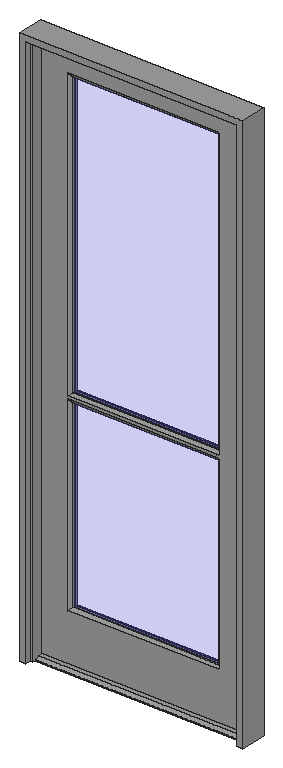
Revit family "WS-500 DOOR-PD-0.25-CW_v05", category Curtain Panels, Revit 2015
Parameters
  Width [instance] = 3' - 2"
  URL = "obe.com"
  Rough Width [instance] = 3' - 0"
  Panel Width [instance] = [Min-Max Panel Width]  # 3' - 0"
  Panel Offset [instance] = 0' - 0"
  Offset [instance] = 0' - 1"
  Model = "WS-500 DOOR"
  Min-Max Rough Width [instance] = if(and((Rough Width > 3' 1 255/256"), (Rough Width < 3' 8 1/256")), Rough Width, 3' 2")  # 3' - 2"
  Min-Max Panel Width [instance] = if(and((Rough Width > 3' 1 255/256"), (Rough Width < 3' 8 1/256")), Rough Width - 0' 2", 3' 0")  # 3' - 0"
  Manufacturer = "Oldcastle BuildingEnvelope®"
  Keynote = "08 11 00"
  Height [instance] = 8' - 0"
  Pushbar Height [instance] = 3' - 5 1/4"  # constant formula
  Glass Material = Glass
  Frame Material = Aluminum
  Door Panel Height [instance] = Height - 0' 0 5/8"  # 7' - 11 3/8"
  Description = "WS-500 - 0.25\" Door Infill"
  Assembly Code = "B2030"
  Analytic Construction = "<None>"
  8 Muntin [instance] = no
  6.5 Muntin [instance] = no
  10 Bottom Rail [instance] = not([8 Bottom Rail])  # no
  4 Muntin [instance] = no
  8 Bottom Rail [instance] = yes
  1.875 Muntin [instance] = no
  0.5 Muntin [instance] = if(or([1.875 Muntin], [4 Muntin], [6.5 Muntin], [8 Muntin]), 1 = 2, 1 = 1)  # yes
Reference planes (in)
  plane 1 "Front": y = 0
  plane 2: z = 0
  plane 3 "Center (Left/Right)": x = 0
  plane 4 "Left": x = -19
  plane 5 "Right": x = 19
  plane 6 "Top": z = 96
  plane 7 "Offset": y = -1
  plane 8: y = -2.28244
  plane 9: y = -2.28244
  plane 10: x = -19
  plane 11: x = 19
Forms (in)
  Sweep 1, solid, material "Aluminum" <- "Frame Material"
    path origin (0, -1, 0) x (-1, 0, 0) y (0, 0, 1)
      loop
        line (19, 0) -> (19, 96)
    profile origin (-19, -1, 48) x (1, 0, 0) y (0, 1, 0)
      loop
        line (1, -1.97) -> (1, 0) -> (0, 0) -> (0, -4.5) -> (1, -4.5) -> (1, -3.595) -> (1.5, -3.595) -> (1.5, -1.97) -> (1, -1.97)
  Sweep 2, solid, material "Aluminum" <- "Frame Material"
    path origin (0, -1, 0) x (-1, 0, 0) y (0, 0, 1)
      loop
        line (-19, 0) -> (-19, 96)
    profile origin (19, -1, 48) x (1, 0, 0) y (0, 1, 0)
      loop
        line (-1, -1.97) -> (-1.5, -1.97) -> (-1.5, -3.595) -> (-1, -3.595) -> (-1, -4.5) -> (0, -4.5) -> (0, 0) -> (-1, 0) -> (-1, -1.97)
  Extrusion 3, solid, material "Aluminum" <- "Frame Material"
    sketch origin (-19, 0, 0) x (0, -1, 0) y (0, 0, 1)
      loop
        line (2.97, 94.5) -> (4.595, 94.5) -> (4.595, 95) -> (5.5, 95) -> (5.5, 96) -> (1, 96) -> (1, 95) -> (2.97, 95) -> (2.97, 94.5)
    from -38 to 0
Cuts and joins
  joined: Sweep 1, Sweep 2, Extrusion 3
Text (in)
  text "Exterior" at (-54.29358, 31.38743, 0), in view "Ref. Level"
  text "Exterior" at (480, 41.53993, 89.60405), in view "Right"
  text "Exterior" at (-240, 57.82419, 105.78864), in view "Left"
Dimensions and locks (in)
  equal spacing: plane 4 "Left", plane 3 "Center (Left/Right)", plane 5 "Right"
  "Width": plane 4 "Left" to plane 5 "Right"
  "Height": plane 6 "Top" to plane 2
  "Offset": plane 1 "Front" to plane 7 "Offset"
  locked: plane 7 "Offset" to plane 8 at 1.28244
  locked: plane 7 "Offset" to plane 9 at 1.28244
  locked: plane 7 "Offset" to nested 4 at 1.28244
  Extrusion 3 sketch curve to Extrusion 3 sketch curve to Extrusion 3 sketch curve = 0' - 0 1/2" locked, 0' - 0" locked
  locked: Extrusion 3 sketch curve to Extrusion 3 sketch curve at 1
  plane 7 "Offset" to Extrusion 3 sketch curve to Extrusion 3 sketch curve to Extrusion 3 sketch curve to Extrusion 3 sketch curve = 0' - 0" locked, 0' - 1.97" locked, 0' - 1 5/8" locked, 0' - 0.905" locked
  equal spacing: plane 10, plane 3 "Center (Left/Right)", plane 11
  "Min-Max Rough Width": plane 10 to plane 11
  aligned and locked: level to plane 2
  aligned and locked: nested 2 to plane 8
  aligned and locked: nested 3 to plane 9
  aligned and locked: plane 6 "Top" to Sweep 1 sketch curve
  aligned and locked: level to Sweep 1 sketch curve
  aligned and locked: plane 6 "Top" to Sweep 2 sketch curve
  aligned and locked: level to Sweep 2 sketch curve
  aligned and locked: plane 6 "Top" to nested 4
  aligned and locked: Extrusion 3 to plane 6 "Top"
  aligned and locked: Extrusion 3 sketch curve to plane 6 "Top"
  aligned and locked: plane 3 "Center (Left/Right)" to nested 1
  aligned and locked: plane 11 to nested 2
  aligned and locked: nested 3 to plane 10
  aligned and locked: Sweep 1 sketch curve to plane 10
  aligned and locked: plane 11 to Sweep 2 sketch curve
  aligned and locked: cut or joined group of Sweep 1, Sweep 2, Extrusion 3 to plane 11
  aligned and locked: cut or joined group of Sweep 1, Sweep 2, Extrusion 3 to plane 10
  aligned and locked: nested 1 to plane 7 "Offset"
Automatic sketch dimensions
  Sweep 1 sketch curve to profile plane = 0' - 0"
  Sweep 1 sketch curve to plane 7 "Offset" = 0' - 0"
  Sweep 1 sketch curve to profile plane = 0' - 1"  (x2)
  Sweep 1 sketch curve to Sweep 1 sketch curve = 0' - 0 1/2"
  Sweep 1 sketch curve to plane 7 "Offset" = 0' - 1.97"
  Sweep 1 sketch curve to Sweep 1 sketch curve = 0' - 1 5/8"
  Sweep 1 sketch curve to Sweep 1 sketch curve = 0' - 0.905"
  Sweep 2 sketch curve to plane 7 "Offset" = 0' - 0"
  Sweep 2 sketch curve to profile plane = 0' - 0"
  profile plane to Sweep 2 sketch curve = 0' - 1"  (x2)
  Sweep 2 sketch curve to Sweep 2 sketch curve = 0' - 0 1/2"
  Sweep 2 sketch curve to plane 7 "Offset" = 0' - 1.97"
  Sweep 2 sketch curve to Sweep 2 sketch curve = 0' - 1 5/8"
  Sweep 2 sketch curve to Sweep 2 sketch curve = 0' - 0.905"
Nested families (in)
  nested 1: "WS-500 DOOR-PD-0.25-Panel_v04" at (0, 6, 0), Frame Material <- "Frame Material", Glass Material <- "Glass Material", 0.5 Muntin <- "0.5 Muntin", 1.875 Muntin <- "1.875 Muntin", 4 Muntin <- "4 Muntin", 6.5 Muntin <- "6.5 Muntin", 8 Muntin <- "8 Muntin", Height <- "Door Panel Height", Width <- "Min-Max Panel Width", 8 Bottom Rail <- "8 Bottom Rail", 10 Bottom Rail <- "10 Bottom Rail", type "WS-500 DOOR-PD-0.25-Panel_v04"
    with built-in parameter 1001301 3' - 0", Pushbar Height 3' - 5 1/4", Offset 0' - 1", built-in parameter 1001300 7' - 11 3/8", Glass at Muntin 0' - 1 1/16", Glass Material Glass, Frame Material Aluminum, Bottom Rail 0' - 8 31/32", 8 Muntin no, 8 Bottom Rail yes, 6.5 Muntin no, 4 Muntin no, 10 Bottom Rail no, 1.875 Muntin no, 0.5 Muntin yes
  nested 2: "2.5x6-RTCIG CW-H8533-DHD-OHD SC-DI" at (19, -2.28244, 0) x (0, -1, 0) z (0, 0, 1), type "2.5x6-RTCIG CW-H8533-DHD-OHD SC-DI"
  nested 3: "2.5x6-RTCIG CW-H8533-DHD-OHD SC-DI" at (-19, -2.28244, 0) x (0, -1, 0) z (0, 0, 1), type "2.5x6-RTCIG CW-H8533-DHD-OHD SC-DI"
  nested 4: "2.5x6-RTCIG CW-H8533-DHD-OHD SC-DI" at (-33, -2.28244, 96) x (0, -1, 0) z (-1, 0, 0), type "2.5x6-RTCIG CW-H8533-DHD-OHD SC-DI"
Definition of nested family "WS-500 DOOR-PD-0.25-Panel_v04"
  Parameters (values of type "WS-500 DOOR-PD-0.25-Panel_v04")
    Width [instance] = 3' - 6"
    Offset [instance] = 0' - 0 15/16"
    Height [instance] = 8' - 0"
    Glass at Muntin [instance] = if([8 Muntin], 0' 8 9/16", if([6.5 Muntin], 0' 7 1/16", if([4 Muntin], 0' 4 9/16", if([1.875 Muntin], 0' 2 109/256", 0' 1 1/16"))))  # 0' - 4 9/16"
    Pushbar Height [instance] = 3' - 5 1/4"  # constant formula
    Glass Material [instance] = none
    Frame Material [instance] = none
    Bottom Rail [instance] = if([10 Bottom Rail], 0' 10 15/16", 0' 8 31/32")  # 0' - 8 31/32"
    Analytic Construction = "<None>"
    8 Muntin [instance] = no
    8 Bottom Rail [instance] = not([10 Bottom Rail])  # yes
    6.5 Muntin [instance] = no
    4 Muntin [instance] = yes
    10 Bottom Rail [instance] = no
    1.875 Muntin [instance] = no
    0.5 Muntin [instance] = if(or([1.875 Muntin], [4 Muntin], [6.5 Muntin], [8 Muntin]), 1 = 2, 1 = 1)  # no
  Reference planes (in)
    plane 1 "00": y = -7.9375
    plane 2: z = 0
    plane 3 "Center (Left/Right)": x = 0
    plane 4: z = 96
    plane 5: x = -21
    plane 6: x = 21
    plane 7 "Center (Front/Back)": y = -6
    plane 8 "Exterior": y = -7.8125
    plane 9: z = 48
    plane 10: z = 67.09375
    plane 11: z = 91.21875
    plane 12: z = 43.53125
    plane 13: z = 38.96875
    plane 14: z = 8.96875
    plane 15: z = 41.25
    plane 16: y = -6.9375
  Forms (in)
    Sweep 1, solid, material <- "Frame Material"
      path origin (0, -7.9375, 0) x (1, 0, 0) y (0, 0, 1)
        loop
          line (-20.8285, 96) -> (20.8285, 96)
      profile origin (0, -7.9375, 96) x (0, 0, 1) y (0, -1, 0)
        loop
          line (-0.375, -0.875) -> (-0.375, 0.875) -> (-4.49593, 0.875) -> (-5, 0.45204) -> (-5, 0.125) -> (-4.78125, 0.125) -> (-4.78125, -0.125) -> (-5, -0.125) -> (-5, -0.45204) -> (-4.49593, -0.875) -> (-0.375, -0.875)
    Sweep 2, solid, material <- "Frame Material"
      path origin (0, -7.9375, 0) x (1, 0, 0) y (0, 0, 1)
        loop
          line (20.8285, 0) -> (-20.8285, 0)
      profile origin (0, -7.9375, 0) x (0, 0, -1) y (0, -1, 0)
        loop
          line (-8.68343, -0.875) -> (-0.6875, -0.875) -> (-0.6875, 0.875) -> (-8.68343, 0.875) -> (-9.1875, 0.45204) -> (-9.1875, 0.125) -> (-8.96875, 0.125) -> (-8.96875, -0.125) -> (-9.1875, -0.125) -> (-9.1875, -0.45204) -> (-8.68343, -0.875)
        loop
          line (-0.5, -1.1555) -> (-0.19364, -1.8125) -> (0, -1.8125) -> (0, 2.1875) -> (-0.19364, 2.1875) -> (-0.5, 1.5305) -> (-0.5, -1.1555)
    Sweep 3, solid, material <- "Frame Material"
      path origin (0, -7.9375, 0) x (1, 0, 0) y (0, 0, 1)
        loop
          line (21, 95.625) -> (21, 0.6875)
      profile origin (21, -7.9375, 48.15625) x (0, -1, 0) y (1, 0, 0)
        loop
          line (-0.875, -0.0625) -> (-0.875, -5.05843) -> (-0.45204, -5.5625) -> (-0.125, -5.5625) -> (-0.125, -5.34375) -> (0.125, -5.34375) -> (0.125, -5.5625) -> (0.45204, -5.5625) -> (0.875, -5.05843) -> (0.875, -0.1715) -> (-0.875, -0.0625)
    Sweep 4, solid, material <- "Frame Material"
      path origin (0, -7.9375, 0) x (1, 0, 0) y (0, 0, 1)
        loop
          line (-21, 95.625) -> (-21, 0.6875)
      profile origin (-21, -7.9375, 48.15625) x (0, -1, 0) y (1, 0, 0)
        loop
          line (-0.875, 0.0625) -> (0.875, 0.1715) -> (0.875, 5.05843) -> (0.45204, 5.5625) -> (0.125, 5.5625) -> (0.125, 5.34375) -> (-0.125, 5.34375) -> (-0.125, 5.5625) -> (-0.45204, 5.5625) -> (-0.875, 5.05843) -> (-0.875, 0.0625)
    Sweep 5, solid, material <- "Frame Material"
      path origin (0, -7.9375, 0) x (1, 0, 0) y (0, 0, 1)
        loop
          line (15.94157, 48) -> (-15.94157, 48)
      profile origin (0, -7.9375, 48) x (0, 0, -1) y (0, -1, 0)
        loop
          line (4.25, 0.45204) -> (4.25, 0.125) -> (4.46875, 0.125) -> (4.46875, -0.125) -> (4.25, -0.125) -> (4.25, -0.45204) -> (4.75407, -0.875) -> (8.74593, -0.875) -> (9.25, -0.45204) -> (9.25, -0.125) -> (9.03125, -0.125) -> (9.03125, 0.125) -> (9.25, 0.125) -> (9.25, 0.45204) -> (8.74593, 0.875) -> (4.75407, 0.875) -> (4.25, 0.45204)
    Extrusion 6, solid, material <- "Glass Material"
      sketch origin (0, 0, 0) x (1, 0, 0) y (0, 1, 0)
        loop
          line (-15.65625, -8.0625) -> (15.65625, -8.0625) -> (15.65625, -7.8125) -> (-15.65625, -7.8125) -> (-15.65625, -8.0625)
      from 8.96875 to 38.96875
    Extrusion 7, solid, material <- "Glass Material"
      sketch origin (0, 0, 61) x (1, 0, 0) y (0, 1, 0)
        loop
          line (-15.65625, -7.8125) -> (-15.65625, -8.0625) -> (15.65625, -8.0625) -> (15.65625, -7.8125) -> (-15.65625, -7.8125)
      from -17.46875 to 30.21875
  Cuts and joins
    joined: Sweep 1, Sweep 2, Sweep 3, Sweep 4, Sweep 5
  Lines and regions (in)
    model lines
      curve 1: line (12.91896, -7.8125, 91) -> (-15.4375, -7.8125, 48)
      curve 2: line (-15.4375, -7.8125, 48) -> (12.91896, -7.8125, 9.1875)
  Dimensions and locks (in)
    "Height": plane 4 to level
    equal spacing: plane 5, plane 3 "Center (Left/Right)", plane 6
    plane 1 "00" to plane 8 "Exterior" to plane 16 = 0' - 0 1/8" locked, 0' - 0 7/8" locked
    equal spacing: level, plane 9, plane 4
    locked: Sweep 3 sketch curve to plane 4 at 0.375
    locked: Sweep 4 sketch curve to plane 4 at 0.375
    "Bottom Rail": Sweep 2 sketch curve to level
    Sweep 2 sketch curve to Sweep 2 sketch curve to Sweep 2 sketch curve to Sweep 2 sketch curve to Sweep 2 sketch curve = 0' - 0" locked, 0' - 0 7/32" locked, 0' - 0.28532" locked, 0' - 0" locked
    Extrusion 6 sketch curve to plane 1 "00" to Extrusion 6 sketch curve = 0' - 0 1/8" locked, 0' - 0 1/8" locked
    "Bottom Rail": plane 14 to plane 2
    locked: plane 4 to plane 11 at 4.78125
    "Glass at Muntin": plane 12 to plane 13
    Extrusion 7 sketch curve to Extrusion 7 sketch curve = 0' - 0 1/4"
    Extrusion 7 sketch curve to plane 1 "00" to Extrusion 7 sketch curve = 0' - 0 1/8" locked, 0' - 0 1/8" locked
    "Width": plane 5 to plane 6
    "Offset": plane 16 to plane 7 "Center (Front/Back)"
    locked: Sweep 1 sketch curve to plane 5 at 0.1715
    locked: plane 6 to Sweep 1 sketch curve at 0.1715
    locked: Sweep 2 sketch curve to plane 5 at 0.1715
    locked: plane 6 to Sweep 2 sketch curve at 0.1715
    equal spacing: plane 12, plane 15, plane 13
    "Pushbar Height": plane 15 to plane 2
    Sweep 5 sketch curve to plane 12 to Sweep 5 sketch curve = 0' - 0 7/32" locked, 0' - 0.28532" locked  (x2)
    Sweep 5 sketch curve to plane 13 to Sweep 5 sketch curve = 0' - 0.28532" locked, 0' - 0 7/32" locked  (x2)
    locked: Sweep 4 sketch curve to plane 2 at 0.6875
    locked: Sweep 3 sketch curve to plane 2 at 0.6875
    locked: Extrusion 6 to plane 6 at 5.34375
    locked: plane 5 to Extrusion 6 at 5.34375
    aligned and locked: plane 2 to level
    aligned and locked: Sweep 1 sketch curve to plane 4
    aligned and locked: Sweep 2 sketch curve to level
    aligned and locked: level to nested 1
    aligned and locked: nested 1 to plane 1 "00"
    aligned and locked: Sweep 5 sketch curve to plane 9
    aligned and locked: plane 14 to Extrusion 6
    aligned and locked: Extrusion 6 to plane 13
    aligned and locked: plane 12 to Extrusion 7
    aligned and locked: plane 9 to curve 1
    aligned and locked: plane 6 to Sweep 3 sketch curve
    aligned and locked: plane 5 to Sweep 4 sketch curve
    aligned and locked: cut or joined group of Sweep 1, Sweep 2, Sweep 3, Sweep 4, Sweep 5 to curve 2
    aligned and locked: nested 2 to plane 3 "Center (Left/Right)"
    aligned and locked: nested 2 to plane 1 "00"
    aligned and locked: Sweep 5 sketch curve to plane 12
    aligned and locked: Sweep 5 sketch curve to plane 13
    aligned and locked: Extrusion 7 to cut or joined group of Sweep 1, Sweep 2, Sweep 3, Sweep 4, Sweep 5
    aligned and locked: Extrusion 7 to plane 11
  Automatic sketch dimensions
    profile plane to Sweep 3 sketch curve = 0' - 0 1/16"
    Sweep 3 sketch curve to plane 1 "00" = 0' - 0 7/8"
    Sweep 3 sketch curve to plane 1 "00" = 0' - 0.45204"
    Sweep 3 sketch curve to plane 1 "00" = 0' - 0 1/8"
    plane 1 "00" to Sweep 3 sketch curve = 0' - 0 1/8"
    Sweep 3 sketch curve to Sweep 3 sketch curve = 0' - 0.32704"
    profile plane to Sweep 3 sketch curve = 0' - 0.1715"
    plane 1 "00" to Sweep 3 sketch curve = 0' - 0 7/8"
    Sweep 3 sketch curve to Sweep 3 sketch curve = 0' - 4.88693"
    Sweep 3 sketch curve to Sweep 3 sketch curve = 0' - 0"
    Sweep 3 sketch curve to Sweep 3 sketch curve = 0' - 0.28532"
    Sweep 3 sketch curve to Sweep 3 sketch curve = 0' - 0 7/32"  (x2)
    Sweep 4 sketch curve to profile plane = 0' - 0 1/16"
    Sweep 4 sketch curve to plane 1 "00" = 0' - 0 7/8"
    Sweep 4 sketch curve to plane 1 "00" = 0' - 0.45204"
    Sweep 4 sketch curve to plane 1 "00" = 0' - 0 1/8"
    plane 1 "00" to Sweep 4 sketch curve = 0' - 0 1/8"
    Sweep 4 sketch curve to Sweep 4 sketch curve = 0' - 0.32704"
    Sweep 4 sketch curve to Sweep 4 sketch curve = 0' - 0.42296"
    Sweep 4 sketch curve to profile plane = 0' - 0.1715"
    Sweep 4 sketch curve to Sweep 4 sketch curve = 0' - 4.88693"
    Sweep 4 sketch curve to Sweep 4 sketch curve = 0' - 0"
    Sweep 4 sketch curve to Sweep 4 sketch curve = 0' - 0.28532"
    Sweep 4 sketch curve to Sweep 4 sketch curve = 0' - 0 7/32"  (x2)
    Sweep 5 sketch curve to plane 1 "00" = 0' - 0 7/8"
    Sweep 5 sketch curve to plane 1 "00" = 0' - 0.45204"  (x2)
    Sweep 5 sketch curve to plane 1 "00" = 0' - 0 1/8"  (x2)
    plane 1 "00" to Sweep 5 sketch curve = 0' - 0 1/8"  (x2)
    Sweep 5 sketch curve to Sweep 5 sketch curve = 0' - 0.32704"  (x2)
    Sweep 5 sketch curve to Sweep 5 sketch curve = 0' - 0.42296"
    plane 5 to Extrusion 6 sketch curve = 0' - 5 11/32"
    Extrusion 6 sketch curve to plane 6 = 0' - 5 11/32"
    plane 14 to curve 2 = 0' - 0 7/32"
    curve 2 to plane 6 = 0' - 8.08104"
    curve 1 to plane 11 = 0' - 0 7/32"
    curve 1 to plane 6 = 0' - 8.08104"
    plane 5 to Sweep 5 sketch curve = 0' - 5.05843"
    Sweep 5 sketch curve to plane 6 = 0' - 5.05843"
    plane 5 to Extrusion 7 sketch curve = 0' - 5 11/32"
    Extrusion 7 sketch curve to plane 6 = 0' - 5 11/32"
    plane 1 "00" to Sweep 1 sketch curve = 0' - 0 1/8"
    profile plane to Sweep 1 sketch curve = 0' - 5"
    Sweep 1 sketch curve to plane 1 "00" = 0' - 0.45204"
    Sweep 1 sketch curve to Sweep 1 sketch curve = 0' - 0"
    Sweep 1 sketch curve to Sweep 1 sketch curve = 0' - 0 7/32"
    plane 1 "00" to Sweep 1 sketch curve = 0' - 0 7/8"
    Sweep 1 sketch curve to Sweep 1 sketch curve = 0' - 0.50407"  (x2)
    profile plane to Sweep 1 sketch curve = 0' - 0 3/8"
    Sweep 1 sketch curve to plane 1 "00" = 0' - 0 7/8"
    Sweep 1 sketch curve to plane 1 "00" = 0' - 0 1/8"
    Sweep 1 sketch curve to Sweep 1 sketch curve = 0' - 0.32704"
    Sweep 2 sketch curve to profile plane = 0' - 0"
    profile plane to Sweep 2 sketch curve = 0' - 0 11/16"
    Sweep 2 sketch curve to Sweep 2 sketch curve = 0' - 0 3/16"
    profile plane to Sweep 2 sketch curve = 0' - 0.19364"  (x2)
    Sweep 2 sketch curve to plane 1 "00" = 0' - 1 13/16"
    Sweep 2 sketch curve to Sweep 2 sketch curve = 0' - 0.657"  (x2)
    Sweep 2 sketch curve to Sweep 2 sketch curve = 0' - 0.2805"
    Sweep 2 sketch curve to plane 1 "00" = 0' - 0.45204"
    Sweep 2 sketch curve to plane 1 "00" = 0' - 0 1/8"
    plane 1 "00" to Sweep 2 sketch curve = 0' - 0 1/8"
    Sweep 2 sketch curve to Sweep 2 sketch curve = 0' - 0.32704"
    Sweep 2 sketch curve to Sweep 2 sketch curve = 0' - 0.42296"
    Sweep 2 sketch curve to Sweep 2 sketch curve = 0' - 0.6555"
  Nested families (in)
    nested 1: "WS-500 DOOR-PD-0.25-Section_v02" at (0, -7.9375, 0) x (0, -1, 0) z (1, 0, 0), Height <- "Height", 0.5 Muntin <- "0.5 Muntin", 1.875 Muntin <- "1.875 Muntin", 4 Muntin <- "4 Muntin", 6.5 Muntin <- "6.5 Muntin", 8 Muntin <- "8 Muntin", 8 Bottom Rail <- "8 Bottom Rail", type "WS-500 DOOR-PD-0.25-Section_v02"
      with Pushbar Height 3' - 5 1/4", Height 8' - 0", Glass at Muntins 0' - 4 9/16", Bottom Rail 0' - 8 31/32", 8 Muntin no, 8 Bottom Rail yes, 6.5 Muntin no, 4 Muntin yes, 10 Bottom Rail no, 1.875 Muntin no, 0.5 Muntin no
    nested 2: "WS-500 PIVOT DOOR-0.25-Plan View_v02" at (0, -7.9375, 0) x (-1, 0, 0) z (0, 0, 1), Width <- "Width", type "WS-500 PIVOT DOOR-0.25-Plan View_v02"
      with Width 3' - 6"
  Definition of nested family "WS-500 DOOR-PD-0.25-Section_v02"
    Parameters (values of type "WS-500 DOOR-PD-0.25-Section_v02")
      Height [instance] = 9' - 0"
      Glass at Muntins [instance] = if([8 Muntin], 0' 8 9/16", if([6.5 Muntin], 0' 7 1/16", if([4 Muntin], 0' 4 9/16", if([1.875 Muntin], 0' 2 7/16", 0' 1 1/16"))))  # 0' - 1 1/16"
      Pushbar Height [instance] = 3' - 5 1/4"  # constant formula
      Bottom Rail [instance] = if([8 Bottom Rail], 0' 8 31/32", 0' 10 31/32")  # 0' - 8 31/32"
      8 Muntin [instance] = no
      6.5 Muntin [instance] = no
      8 Bottom Rail [instance] = not([10 Bottom Rail])  # yes
      4 Muntin [instance] = no
      10 Bottom Rail [instance] = no
      1.875 Muntin [instance] = no
      0.5 Muntin [instance] = if(or([1.875 Muntin], [4 Muntin], [6.5 Muntin], [8 Muntin]), 1 = 2, 1 = 1)  # yes
    Reference planes (in)
      plane 1 "Center (Front/Back)": y = 0
      plane 2: z = 0
      plane 3 "Center (Left/Right)": x = 0
      plane 4: y = 8.96875
      plane 5: y = 103.09375
      plane 6: y = 108
      plane 7: y = 41.78125
      plane 8: y = 40.71875
      plane 9: y = 45.75
      plane 10: y = 41.25
      plane 11: y = 45
      plane 12: y = 43.75
      plane 13: y = 42.6825
      plane 14: y = 42
    Lines and regions (in)
      detail lines, in view "Ref. Level"
        curve 1: line (-0.125, 103.09375, 0) -> (-0.125, 41.78125, 0)
        curve 5: line (0.125, 103.09375, 0) -> (0.125, 41.78125, 0)
        curve 6: line (0.125, 40.71875, 0) -> (0.125, 8.96875, 0)
        curve 10: line (-0.125, 40.71875, 0) -> (-0.125, 8.96875, 0)
      detail lines, in view "Ref. Level", detail levels fine
        curve 2: line (-0.0625, 103.09375, 0) -> (-0.0625, 41.78125, 0)
        curve 3: line (0, 103.09375, 0) -> (0, 41.78125, 0)
        curve 4: line (0.0625, 103.09375, 0) -> (0.0625, 41.78125, 0)
        curve 7: line (0.0625, 40.71875, 0) -> (0.0625, 8.96875, 0)
        curve 8: line (0, 40.71875, 0) -> (0, 8.96875, 0)
        curve 9: line (-0.0625, 40.71875, 0) -> (-0.0625, 8.96875, 0)
    Dimensions and locks (in)
      "Bottom Rail": plane 4 to plane 1 "Center (Front/Back)"
      "Height": plane 6 to plane 1 "Center (Front/Back)"
      "Glass at Muntins": plane 8 to plane 7
      nested 1 to plane 6 to plane 5 = 0' - 3 1/8" locked, 0' - 4 29/32" locked
      equal spacing: plane 8, plane 10, plane 7
      "Pushbar Height": plane 1 "Center (Front/Back)" to plane 10
      plane 10 to plane 14 to plane 13 to plane 12 to plane 11 to plane 9 = 0' - 0 3/4" locked, 0' - 0.6825" locked, 0' - 1.0675" locked, 0' - 1 1/4" locked, 0' - 0 3/4" locked
      aligned and locked: plane 5 to curve 2
      aligned and locked: plane 5 to curve 1
      aligned and locked: plane 3 "Center (Left/Right)" to nested 1
      aligned and locked: plane 3 "Center (Left/Right)" to nested 2
      aligned and locked: plane 4 to curve 10
      aligned and locked: plane 4 to curve 9
      aligned and locked: plane 4 to curve 6
      aligned and locked: plane 4 to curve 7
      aligned and locked: plane 4 to curve 8
      aligned and locked: plane 5 to curve 5
      aligned and locked: plane 5 to curve 4
      aligned and locked: plane 5 to curve 3
      aligned and locked: plane 3 "Center (Left/Right)" to nested 3
      aligned and locked: plane 3 "Center (Left/Right)" to nested 4
      aligned and locked: plane 7 to curve 1
      aligned and locked: plane 7 to curve 2
      aligned and locked: plane 7 to curve 3
      aligned and locked: plane 7 to curve 4
      aligned and locked: plane 7 to curve 5
      aligned and locked: plane 8 to curve 6
      aligned and locked: plane 8 to curve 7
      aligned and locked: plane 8 to curve 8
      aligned and locked: plane 8 to curve 9
      aligned and locked: plane 8 to curve 10
      aligned and locked: plane 3 "Center (Left/Right)" to nested 5
      aligned and locked: plane 3 "Center (Left/Right)" to nested 6
      aligned and locked: plane 3 "Center (Left/Right)" to nested 7
      aligned and locked: plane 9 to nested 8
      aligned and locked: plane 3 "Center (Left/Right)" to nested 8
      aligned and locked: plane 1 "Center (Front/Back)" to nested 3
      aligned and locked: plane 1 "Center (Front/Back)" to nested 2
      aligned and locked: plane 11 to nested 7
      aligned and locked: plane 12 to nested 6
      aligned and locked: plane 13 to nested 5
      aligned and locked: plane 14 to nested 4
    Automatic sketch dimensions
      curve 8 to plane 3 "Center (Left/Right)" = 0' - 0"
      curve 3 to plane 3 "Center (Left/Right)" = 0' - 0"
      curve 9 to plane 3 "Center (Left/Right)" = 0' - 0 1/16"
      curve 2 to plane 3 "Center (Left/Right)" = 0' - 0 1/16"
      curve 1 to curve 2 = 0' - 0 1/16"
      curve 10 to curve 9 = 0' - 0 1/16"
      plane 3 "Center (Left/Right)" to curve 7 = 0' - 0 1/16"
      plane 3 "Center (Left/Right)" to curve 4 = 0' - 0 1/16"
      curve 7 to curve 6 = 0' - 0 1/16"
      curve 4 to curve 5 = 0' - 0 1/16"
    Nested families (in)
      nested 1: "TOP RAIL-DI" at (0, 111.125, 0), type "TOP RAIL-DI", in view "Ref. Level"
      nested 2: "10 Bottom Rail and Threshold-DI" at (0, 11.1875, 0), visible <- "10 Bottom Rail", type "10 BOT RAIL-DI", in view "Ref. Level"
      nested 3: "8 Bottom Rail and Threshold-DI" at (0, 9.1875, 0), visible <- "8 Bottom Rail", type "8 BOT RAIL-DI", in view "Ref. Level"
      nested 4: "0.5 MUNTIN-DI" at (0, 42, 0), visible <- "0.5 Muntin", type "0.5 MUNTIN-DI", in view "Ref. Level"
      nested 5: "1.875 Muntin-DI" at (0, 42.6825, 0), visible <- "1.875 Muntin", type "1.875 MUNTIN-DI", in view "Ref. Level"
      nested 6: "4 Muntin-DI" at (0, 43.75, 0), visible <- "4 Muntin", type "4 MUNTIN-DI", in view "Ref. Level"
      nested 7: "6.5 Muntin-DI" at (0, 45, 0), visible <- "6.5 Muntin", type "6.5 MUNTIN-DI", in view "Ref. Level"
      nested 8: "8 Muntin-DI" at (0, 45.75, 0), visible <- "8 Muntin", type "8 MUNTIN-DI", in view "Ref. Level"
    Definition of nested family "TOP RAIL-DI"
      Reference planes (in)
        plane 1 "Center (Front/Back)": y = 0
        plane 2: z = 0
        plane 3 "Center (Left/Right)": x = 0
      Lines and regions (in)
        detail lines, in view "Ref. Level"
          curve 1: line (-0.875, -3.625, 0) -> (0.875, -3.625, 0)
          curve 2: line (0.875, -3.625, 0) -> (0.875, -7.62093, 0)
          curve 3: line (0.875, -7.62093, 0) -> (0.45204, -8.125, 0)
          curve 4: line (0.45204, -8.125, 0) -> (0.125, -8.125, 0)
          curve 5: line (0.125, -8.125, 0) -> (0.125, -7.90625, 0)
          curve 6: line (0.125, -7.90625, 0) -> (-0.125, -7.90625, 0)
          curve 7: line (-0.125, -7.90625, 0) -> (-0.125, -8.125, 0)
          curve 8: line (-0.125, -8.125, 0) -> (-0.45204, -8.125, 0)
          curve 9: line (-0.45204, -8.125, 0) -> (-0.875, -7.62093, 0)
          curve 10: line (-0.875, -7.62093, 0) -> (-0.875, -3.625, 0)
    Definition of nested family "10 Bottom Rail and Threshold-DI"
      Reference planes (in)
        plane 1 "Center (Front/Back)": y = 0
        plane 2: z = 0
        plane 3 "Center (Left/Right)": x = 0
      Lines and regions (in)
        detail lines, in view "Ref. Level"
          curve 1: line (-0.875, -0.50407, 0) -> (-0.875, -10.5, 0)
          curve 2: line (-0.875, -10.5, 0) -> (0.875, -10.5, 0)
          curve 3: line (0.875, -10.5, 0) -> (0.875, -0.50407, 0)
          curve 4: line (0.875, -0.50407, 0) -> (0.45204, 0, 0)
          curve 5: line (0.45204, 0, 0) -> (0.125, 0, 0)
          curve 6: line (0.125, 0, 0) -> (0.125, -0.21875, 0)
          curve 7: line (0.125, -0.21875, 0) -> (-0.125, -0.21875, 0)
          curve 8: line (-0.125, -0.21875, 0) -> (-0.125, 0, 0)
          curve 9: line (-0.125, 0, 0) -> (-0.45204, 0, 0)
          curve 10: line (-0.45204, 0, 0) -> (-0.875, -0.50407, 0)
          curve 11: line (-1.8125, -10.99386, 0) -> (-1.1555, -10.6875, 0)
          curve 12: line (-1.1555, -10.6875, 0) -> (1.5305, -10.6875, 0)
          curve 13: line (1.5305, -10.6875, 0) -> (2.1875, -10.99386, 0)
          curve 14: line (2.1875, -10.99386, 0) -> (2.1875, -11.18749, 0)
          curve 15: line (2.1875, -11.18749, 0) -> (-1.8125, -11.18749, 0)
          curve 16: line (-1.8125, -11.18749, 0) -> (-1.8125, -10.99386, 0)
    Definition of nested family "8 Bottom Rail and Threshold-DI"
      Reference planes (in)
        plane 1 "Center (Front/Back)": y = 0
        plane 2: z = 0
        plane 3 "Center (Left/Right)": x = 0
      Lines and regions (in)
        detail lines, in view "Ref. Level"
          curve 1: line (-0.45204, 0, 0) -> (-0.875, -0.50407, 0)
          curve 2: line (-0.875, -0.50407, 0) -> (-0.875, -8.5, 0)
          curve 3: line (-0.875, -8.5, 0) -> (0.875, -8.5, 0)
          curve 4: line (0.875, -8.5, 0) -> (0.875, -0.50407, 0)
          curve 5: line (0.875, -0.50407, 0) -> (0.45204, 0, 0)
          curve 6: line (0.45204, 0, 0) -> (0.125, 0, 0)
          curve 7: line (0.125, 0, 0) -> (0.125, -0.21875, 0)
          curve 8: line (0.125, -0.21875, 0) -> (-0.125, -0.21875, 0)
          curve 9: line (-0.125, -0.21875, 0) -> (-0.125, 0, 0)
          curve 10: line (-0.125, 0, 0) -> (-0.45204, 0, 0)
          curve 11: line (-1.8125, -8.99386, 0) -> (-1.1555, -8.6875, 0)
          curve 12: line (-1.1555, -8.6875, 0) -> (1.5305, -8.6875, 0)
          curve 13: line (1.5305, -8.6875, 0) -> (2.1875, -8.99386, 0)
          curve 14: line (2.1875, -8.99386, 0) -> (2.1875, -9.18749, 0)
          curve 15: line (2.1875, -9.18749, 0) -> (-1.8125, -9.18749, 0)
          curve 16: line (-1.8125, -9.18749, 0) -> (-1.8125, -8.99386, 0)
    Definition of nested family "0.5 MUNTIN-DI"
      Reference planes (in)
        plane 1 "Center (Front/Back)": y = 0
        plane 2: z = 0
        plane 3 "Center (Left/Right)": x = 0
    Definition of nested family "1.875 Muntin-DI"
      Reference planes (in)
        plane 1 "Center (Front/Back)": y = 0
        plane 2: z = 0
        plane 3 "Center (Left/Right)": x = 0
      Lines and regions (in)
        detail lines, in view "Ref. Level"
          curve 1: line (-0.125, 0, 0) -> (-0.45204, 0, 0)
          curve 2: line (-0.45204, 0, 0) -> (-0.875, -0.50407, 0)
          curve 3: line (-0.875, -0.50407, 0) -> (-0.875, -2.36093, 0)
          curve 4: line (-0.875, -2.36093, 0) -> (-0.45204, -2.865, 0)
          curve 5: line (-0.45204, -2.865, 0) -> (-0.125, -2.865, 0)
          curve 6: line (-0.125, -2.865, 0) -> (-0.125, -2.64625, 0)
          curve 7: line (-0.125, -2.64625, 0) -> (0.125, -2.64625, 0)
          curve 8: line (0.125, -2.64625, 0) -> (0.125, -2.865, 0)
          curve 9: line (0.125, -2.865, 0) -> (0.45204, -2.865, 0)
          curve 10: line (0.45204, -2.865, 0) -> (0.87159, -2.365, 0)
          curve 11: line (0.87159, -2.365, 0) -> (0.87159, -0.50593, 0)
          curve 12: line (0.87159, -0.50593, 0) -> (0.44706, 0, 0)
          curve 13: line (0.44706, 0, 0) -> (0.125, 0, 0)
          curve 14: line (0.125, 0, 0) -> (0.125, -0.21875, 0)
          curve 15: line (0.125, -0.21875, 0) -> (-0.125, -0.21875, 0)
          curve 16: line (-0.125, -0.21875, 0) -> (-0.125, 0, 0)
    Definition of nested family "4 Muntin-DI"
      Reference planes (in)
        plane 1 "Center (Front/Back)": y = 0
        plane 2: z = 0
        plane 3 "Center (Left/Right)": x = 0
      Lines and regions (in)
        detail lines, in view "Ref. Level"
          curve 1: line (-0.45204, 0, 0) -> (-0.875, -0.50407, 0)
          curve 2: line (-0.875, -0.50407, 0) -> (-0.875, -4.49593, 0)
          curve 3: line (-0.875, -4.49593, 0) -> (-0.45204, -5, 0)
          curve 4: line (-0.45204, -5, 0) -> (-0.125, -5, 0)
          curve 5: line (-0.125, -5, 0) -> (-0.125, -4.78125, 0)
          curve 6: line (-0.125, -4.78125, 0) -> (0.125, -4.78125, 0)
          curve 7: line (0.125, -4.78125, 0) -> (0.125, -5, 0)
          curve 8: line (0.125, -5, 0) -> (0.45204, -5, 0)
          curve 9: line (0.45204, -5, 0) -> (0.875, -4.49593, 0)
          curve 10: line (0.875, -4.49593, 0) -> (0.875, -0.50407, 0)
          curve 11: line (0.875, -0.50407, 0) -> (0.45204, 0, 0)
          curve 12: line (0.45204, 0, 0) -> (0.125, 0, 0)
          curve 13: line (0.125, 0, 0) -> (0.125, -0.21875, 0)
          curve 14: line (0.125, -0.21875, 0) -> (-0.125, -0.21875, 0)
          curve 15: line (-0.125, -0.21875, 0) -> (-0.125, 0, 0)
          curve 16: line (-0.125, 0, 0) -> (-0.45204, 0, 0)
    Definition of nested family "6.5 Muntin-DI"
      Reference planes (in)
        plane 1 "Center (Front/Back)": y = 0
        plane 2: z = 0
        plane 3 "Center (Left/Right)": x = 0
      Lines and regions (in)
        detail lines, in view "Ref. Level"
          curve 1: line (-0.45204, 0, 0) -> (-0.875, -0.50407, 0)
          curve 2: line (-0.875, -0.50407, 0) -> (-0.875, -6.99593, 0)
          curve 3: line (-0.875, -6.99593, 0) -> (-0.45204, -7.5, 0)
          curve 4: line (-0.45204, -7.5, 0) -> (-0.125, -7.5, 0)
          curve 5: line (-0.125, -7.5, 0) -> (-0.125, -7.28125, 0)
          curve 6: line (-0.125, -7.28125, 0) -> (0.125, -7.28125, 0)
          curve 7: line (0.125, -7.28125, 0) -> (0.125, -7.5, 0)
          curve 8: line (0.125, -7.5, 0) -> (0.45204, -7.5, 0)
          curve 9: line (0.45204, -7.5, 0) -> (0.875, -6.99593, 0)
          curve 10: line (0.875, -6.99593, 0) -> (0.875, -0.50407, 0)
          curve 11: line (0.875, -0.50407, 0) -> (0.45204, 0, 0)
          curve 12: line (0.45204, 0, 0) -> (0.125, 0, 0)
          curve 13: line (0.125, 0, 0) -> (0.125, -0.21875, 0)
          curve 14: line (0.125, -0.21875, 0) -> (-0.125, -0.21875, 0)
          curve 15: line (-0.125, -0.21875, 0) -> (-0.125, 0, 0)
          curve 16: line (-0.125, 0, 0) -> (-0.45204, 0, 0)
    Definition of nested family "8 Muntin-DI"
      Reference planes (in)
        plane 1 "Center (Front/Back)": y = 0
        plane 2: z = 0
        plane 3 "Center (Left/Right)": x = 0
      Lines and regions (in)
        detail lines, in view "Ref. Level"
          curve 1: line (-0.875, -0.50407, 0) -> (-0.875, -8.49593, 0)
          curve 2: line (-0.875, -8.49593, 0) -> (-0.45204, -9, 0)
          curve 3: line (-0.45204, -9, 0) -> (-0.125, -9, 0)
          curve 4: line (-0.125, -9, 0) -> (-0.125, -8.78125, 0)
          curve 5: line (-0.125, -8.78125, 0) -> (0.125, -8.78125, 0)
          curve 6: line (0.125, -8.78125, 0) -> (0.125, -9, 0)
          curve 7: line (0.125, -9, 0) -> (0.45204, -9, 0)
          curve 8: line (0.45204, -9, 0) -> (0.875, -8.49593, 0)
          curve 9: line (0.875, -8.49593, 0) -> (0.875, -0.50407, 0)
          curve 10: line (0.875, -0.50407, 0) -> (0.45204, 0, 0)
          curve 11: line (0.45204, 0, 0) -> (0.125, 0, 0)
          curve 12: line (0.125, 0, 0) -> (0.125, -0.21875, 0)
          curve 13: line (0.125, -0.21875, 0) -> (-0.125, -0.21875, 0)
          curve 14: line (-0.125, -0.21875, 0) -> (-0.125, 0, 0)
          curve 15: line (-0.125, 0, 0) -> (-0.45204, 0, 0)
          curve 16: line (-0.45204, 0, 0) -> (-0.875, -0.50407, 0)
  Definition of nested family "WS-500 PIVOT DOOR-0.25-Plan View_v02"
    Parameters (values of type "WS-500 PIVOT DOOR-0.25-Plan View_v02")
      Width [instance] = 3' - 0"
    Reference planes (in)
      plane 1 "Center (Front/Back)": y = 0
      plane 2: z = 0
      plane 3 "Center (Left/Right)": x = 0
      plane 4: x = -18
      plane 5: x = 18
      plane 6: x = -16.6875
      plane 7: y = -37.25
      plane 8: x = -17.9375
      plane 9: y = -1.25
    Lines and regions (in)
      detail lines, in view "Ref. Level", not visible
        curve 1: line (-12.65625, 0.125, 0) -> (12.3925, 0.125, 0)
        curve 2: line (-12.65625, -0.125, 0) -> (12.3925, -0.125, 0)
      detail lines, in view "Ref. Level"
        curve 3: line (-16.8125, -31.84375, 0) -> (-16.8125, -6.53125, 0)
        curve 7: line (-16.5625, -31.84375, 0) -> (-16.5625, -6.53125, 0)
        curve 8: arc (-17.5625, -37.125, 0) -> (7.69512, -26.35229, 0) -> (17.9375, -0.875, 0) r 35.87696
      detail lines, in view "Ref. Level", detail levels fine
        curve 4: line (-16.75, -31.84375, 0) -> (-16.75, -6.53125, 0)
        curve 5: line (-16.6875, -31.84375, 0) -> (-16.6875, -6.53125, 0)
        curve 6: line (-16.625, -31.84375, 0) -> (-16.625, -6.53125, 0)
    Dimensions and locks (in)
      "Width": plane 4 to plane 5
      equal spacing: plane 4, plane 3 "Center (Left/Right)", plane 5
      locked: plane 4 to plane 6 at 1.3125
      locked: plane 5 to nested 1 at 2.51375
      "Width": plane 7 to plane 9
      locked: plane 7 to nested 2 at 2.45125
      locked: plane 4 to plane 8 at 0.0625
      locked: nested 3 to plane 4 at 2.51375
      locked: plane 9 to plane 1 "Center (Front/Back)" at 1.25
      aligned and locked: plane 6 to nested 2
      aligned and locked: curve 5 to plane 6
      aligned and locked: curve 5 to nested 2
      aligned and locked: curve 1 to nested 1
      aligned and locked: curve 2 to nested 1
      aligned and locked: nested 3 to plane 1 "Center (Front/Back)"
      aligned and locked: nested 4 to plane 6
      aligned and locked: curve 8 to nested 1
      aligned and locked: curve 8 to nested 2
    Automatic sketch dimensions
      curve 8 to plane 8 = 0' - 0"
      curve 8 to plane 9 = 0' - 0"
      plane 7 to curve 8 = 0' - 0 1/8"
      plane 6 to curve 3 = 0' - 0 1/8"
      plane 6 to curve 4 = 0' - 0 1/16"
      curve 5 to curve 6 = 0' - 0 1/16"
      curve 6 to curve 7 = 0' - 0 1/16"
      curve 1 to plane 6 = 0' - 4 1/32"
      curve 2 to curve 1 = 0' - 0"  (x2)
      curve 1 to plane 5 = 0' - 5.6075"
      curve 7 to plane 9 = 0' - 5 9/32"
      curve 5 to curve 7 = 0' - 0"  (x2)
      curve 3 to curve 5 = 0' - 0"  (x2)
      curve 5 to curve 6 = 0' - 0"  (x2)
      curve 4 to curve 5 = 0' - 0"  (x2)
      curve 8 to curve 5 = 0' - 5 9/32"
    Nested families (in)
      nested 1: "HINGE STILE - HINGE DOOR-DI" at (20.51375, 0, 0), type "HINGE-HD-DI", in view "Ref. Level", not visible
      nested 2: "HINGE STILE - HINGE DOOR-DI" at (-16.6875, -39.70125, 0) x (0, -1, 0) z (0, 0, 1), type "HINGE-HD-DI", in view "Ref. Level"
      nested 3: "HINGE STILE - HINGE DOOR-DI" at (-20.51375, 0, 0) x (-1, 0, 0) z (0, 0, 1), type "HINGE-HD-DI", in view "Ref. Level", not visible
      nested 4: "HINGE STILE - HINGE DOOR-DI" at (-16.6875, 1.32625, 0) x (0, 1, 0) z (0, 0, 1), type "HINGE-HD-DI", in view "Ref. Level"
    Definition of nested family "HINGE STILE - HINGE DOOR-DI"
      Reference planes (in)
        plane 1 "Center (Front/Back)": y = 0
        plane 2: z = 0
        plane 3 "Center (Left/Right)": x = 0
      Lines and regions (in)
        detail lines, in view "Ref. Level"
          curve 1: line (-2.68525, 0.875, 0) -> (-7.57218, 0.875, 0)
          curve 2: line (-7.57218, 0.875, 0) -> (-8.07625, 0.45204, 0)
          curve 3: line (-8.07625, 0.45204, 0) -> (-8.07625, 0.125, 0)
          curve 4: line (-8.07625, 0.125, 0) -> (-7.8575, 0.125, 0)
          curve 5: line (-7.8575, 0.125, 0) -> (-7.8575, -0.125, 0)
          curve 6: line (-7.8575, -0.125, 0) -> (-8.07625, -0.125, 0)
          curve 7: line (-8.07625, -0.125, 0) -> (-8.07625, -0.45204, 0)
          curve 8: line (-8.07625, -0.45204, 0) -> (-7.57218, -0.875, 0)
          curve 9: line (-7.57218, -0.875, 0) -> (-2.57625, -0.875, 0)
          curve 10: line (-2.57625, -0.875, 0) -> (-2.68525, 0.875, 0)
Definition of nested family "2.5x6-RTCIG CW-H8533-DHD-OHD SC-DI"
  Reference planes (in)
    plane 1 "Center (Front/Back)": y = 0
    plane 2: z = 0
    plane 3 "Center (Left/Right)": x = 0
  Lines and regions (in)
    Filled region 1, type "2.5x6.75-RC CW-SSA-SG-H1416-DHD-OHD SC-FINE-1", in view "Ref. Level", detail levels fine
      outline origin (0, 2.5, 0) x (1, 0, 0) y (0, 1, 0)
        loop
          line (-1.03244, -2.5) -> (-1.28244, -2.5)
          arc (-1.28244, -2.5) -> (-1.26095, -2.625) -> (-1.28244, -2.75) r 0.37439
          line (-1.28244, -2.75) -> (-1.03244, -2.75) -> (-1.03244, -2.5)
    Filled region 2, type "2.5x6.75-RC CW-SSA-SG-H1416-DHD-OHD SC-FINE-1", in view "Ref. Level", detail levels fine
      outline origin (0, 2.5, 0) x (1, 0, 0) y (0, 1, 0)
        loop
          line (2.96756, -2.5) -> (2.96756, -2.75) -> (3.21756, -2.75)
          arc (3.21756, -2.75) -> (3.19608, -2.625) -> (3.21756, -2.5) r 0.37439
          line (3.21756, -2.5) -> (2.96756, -2.5)
    Filled region 3, type "2.5x6.75-RC CW-SSA-SG-H1416-DHD-OHD SC-FINE-1", in view "Ref. Level", not visible, detail levels fine
      outline origin (0, 2.5, 0) x (1, 0, 0) y (0, 1, 0)
        loop
          line (-1.03244, -2.5) -> (-1.28244, -2.5)
          arc (-1.28244, -2.5) -> (-1.26095, -2.625) -> (-1.28244, -2.75) r 0.37439
          line (-1.28244, -2.75) -> (-1.03244, -2.75) -> (-1.03244, -2.5)
    Filled region 4, type "2.5x6.75-RC CW-SSA-SG-H1416-DHD-OHD SC-FINE-1", in view "Ref. Level", not visible, detail levels fine
      outline origin (0, 2.5, 0) x (1, 0, 0) y (0, 1, 0)
        loop
          line (2.96756, -2.5) -> (2.96756, -2.75) -> (3.21756, -2.75)
          arc (3.21756, -2.75) -> (3.19608, -2.625) -> (3.21756, -2.5) r 0.37439
          line (3.21756, -2.5) -> (2.96756, -2.5)
    detail lines, in view "Ref. Level", detail levels fine
      curve 1: arc (1.65506, -0.328, 0) -> (1.67791, -0.38315, 0) -> (1.73306, -0.406, 0) r 0.078
      curve 2: arc (0.20206, -0.406, 0) -> (0.25722, -0.38315, 0) -> (0.28006, -0.328, 0) r 0.078
      curve 3: arc (0.68756, -1.173, 0) -> (0.71506, -1.2005, 0) -> (0.74256, -1.173, 0) r 0.0275
      curve 4: arc (0.74256, -1.408, 0) -> (0.71506, -1.3805, 0) -> (0.68756, -1.408, 0) r 0.0275
      curve 5: arc (2.00056, -1, 0) -> (1.96239, -1.07442, 0) -> (2.04511, -1.062, 0) r 0.047
      curve 6: arc (0.95295, -1.053, 0) -> (1.03486, -1.07804, 0) -> (0.99956, -1, 0) r 0.047
      curve 7: line (1.73306, -0.406, 0) -> (1.98306, -0.406, 0)
      curve 8: line (1.98306, -0.406, 0) -> (1.98306, -0.375, 0)
      curve 9: line (1.98306, -0.375, 0) -> (3.09256, -0.375, 0)
      curve 10: line (3.09256, -0.375, 0) -> (3.09256, -0.875, 0)
      curve 11: line (3.09256, -0.875, 0) -> (-1.15744, -0.875, 0)
      curve 12: line (-1.15744, -0.875, 0) -> (-1.15744, -0.375, 0)
      curve 13: line (-1.15744, -0.375, 0) -> (-0.04794, -0.375, 0)
      curve 14: line (-0.04794, -0.375, 0) -> (-0.04794, -0.406, 0)
      curve 15: line (-0.04794, -0.406, 0) -> (0.20206, -0.406, 0)
      curve 16: line (0.28006, -0.328, 0) -> (0.03006, -0.328, 0)
      curve 17: line (0.03006, -0.328, 0) -> (0.03006, -0.25, 0)
      curve 18: line (0.03006, -0.25, 0) -> (-1.28244, -0.25, 0)
      curve 19: line (-1.28244, -0.25, 0) -> (-1.28244, -1, 0)
      curve 20: line (-1.28244, -1, 0) -> (3.21756, -1, 0)
      curve 21: line (3.21756, -1, 0) -> (3.21756, -0.25, 0)
      curve 22: line (3.21756, -0.25, 0) -> (1.90506, -0.25, 0)
      curve 23: line (1.90506, -0.25, 0) -> (1.90506, -0.328, 0)
      curve 24: line (1.90506, -0.328, 0) -> (1.65506, -0.328, 0)
      curve 25: line (0.74256, -1.173, 0) -> (0.74256, -1.143, 0)
      curve 26: line (0.74256, -1.143, 0) -> (0.79756, -1.143, 0)
      curve 27: line (0.79756, -1.143, 0) -> (0.79756, -1.438, 0)
      curve 28: line (0.79756, -1.438, 0) -> (0.74256, -1.438, 0)
      curve 29: line (0.74256, -1.438, 0) -> (0.74256, -1.408, 0)
      curve 30: line (0.68756, -1.408, 0) -> (0.68756, -1.5, 0)
      curve 31: line (0.68756, -1.5, 0) -> (2.31256, -1.5, 0)
      curve 32: line (2.31256, -1.5, 0) -> (2.31256, -1, 0)
      curve 33: line (2.31256, -1, 0) -> (2.00056, -1, 0)
      curve 34: line (2.04511, -1.062, 0) -> (2.25056, -1.062, 0)
      curve 35: line (2.25056, -1.062, 0) -> (2.25056, -1.438, 0)
      curve 36: line (2.25056, -1.438, 0) -> (0.85956, -1.438, 0)
      curve 37: line (0.85956, -1.438, 0) -> (0.85956, -1.053, 0)
      curve 38: line (0.85956, -1.053, 0) -> (0.95295, -1.053, 0)
      curve 39: line (0.99956, -1, 0) -> (0.79756, -1, 0)
      curve 40: line (0.79756, -1, 0) -> (0.79756, -1.081, 0)
      curve 41: line (0.79756, -1.081, 0) -> (0.74256, -1.081, 0)
      curve 42: line (0.74256, -1.081, 0) -> (0.74256, -1, 0)
      curve 43: line (0.74256, -1, 0) -> (0.68756, -1, 0)
      curve 44: line (0.68756, -1, 0) -> (0.68756, -1.173, 0)
      curve 45: line (-1.28244, 0, 0) -> (-1.28244, -1, 0)
      curve 46: line (-1.28244, -1, 0) -> (0.68756, -1, 0)
      curve 47: line (0.68756, -1, 0) -> (0.68756, -1.5, 0)
      curve 48: line (0.68756, -1.5, 0) -> (2.31256, -1.5, 0)
      curve 49: line (2.31256, -1.5, 0) -> (2.31256, -1, 0)
      curve 50: line (2.31256, -1, 0) -> (3.21756, -1, 0)
      curve 51: line (3.21756, -1, 0) -> (3.21756, 0, 0)
      curve 52: line (3.21756, 0, 0) -> (-1.28244, 0, 0)
      curve 53: arc (-1.28244, -0.25, 0) -> (-1.26095, -0.125, 0) -> (-1.28244, 0, 0) r 0.37439
      curve 54: arc (3.21756, 0, 0) -> (3.19608, -0.125, 0) -> (3.21756, -0.25, 0) r 0.37439
      curve 55: arc (1.95497, -1.14175, 0) -> (1.95619, -1.1362, 0) -> (1.95482, -1.13068, 0) r 0.0125
      curve 56: arc (1.98284, -1.14139, 0) -> (1.98406, -1.13584, 0) -> (1.9827, -1.13032, 0) r 0.0125
      curve 57: arc (1.01743, -1.13032, 0) -> (1.01607, -1.13584, 0) -> (1.01729, -1.14139, 0) r 0.0125
      curve 58: arc (1.0453, -1.13068, 0) -> (1.04394, -1.1362, 0) -> (1.04516, -1.14175, 0) r 0.0125
      curve 59: arc (1.10681, -1.025, 0) -> (1.10028, -1.02684, 0) -> (1.09567, -1.03182, 0) r 0.0125
      curve 60: arc (1.90446, -1.03183, 0) -> (1.89985, -1.02684, 0) -> (1.89332, -1.025, 0) r 0.0125
      curve 61: line (-1.03244, -0.25, 0) -> (-1.03244, 0, 0)
      curve 62: line (-1.03244, 0, 0) -> (2.96756, 0, 0)
      curve 63: line (2.96756, 0, 0) -> (2.96756, -0.25, 0)
      curve 64: line (2.96756, -0.25, 0) -> (-1.03244, -0.25, 0)
      curve 65: line (-1.03244, -0.25, 0) -> (2.96756, 0, 0)
      curve 66: line (-1.03244, 0, 0) -> (2.96756, -0.25, 0)
      curve 67: line (1.95497, -1.14175, 0) -> (1.89789, -1.26122, 0)
      curve 68: line (1.89789, -1.26122, 0) -> (1.92045, -1.272, 0)
      curve 69: line (1.92045, -1.272, 0) -> (1.98284, -1.14139, 0)
      curve 70: line (1.9827, -1.13032, 0) -> (1.92904, -1.025, 0)
      curve 71: line (1.92904, -1.025, 0) -> (1.95506, -1.025, 0)
      curve 72: line (1.95506, -1.025, 0) -> (1.95506, -1, 0)
      curve 73: line (1.95506, -1, 0) -> (1.04506, -1, 0)
      curve 74: line (1.04506, -1, 0) -> (1.04506, -1.025, 0)
      curve 75: line (1.04506, -1.025, 0) -> (1.07109, -1.025, 0)
      curve 76: line (1.07109, -1.025, 0) -> (1.01743, -1.13032, 0)
      curve 77: line (1.01729, -1.14139, 0) -> (1.07968, -1.272, 0)
      curve 78: line (1.07968, -1.272, 0) -> (1.10224, -1.26122, 0)
      curve 79: line (1.10224, -1.26122, 0) -> (1.04516, -1.14175, 0)
      curve 80: line (1.0453, -1.13068, 0) -> (1.09567, -1.03182, 0)
      curve 81: line (1.10681, -1.025, 0) -> (1.89332, -1.025, 0)
      curve 82: line (1.90446, -1.03183, 0) -> (1.95482, -1.13068, 0)
      curve 83: line (0.54796, -1.18033, 0) -> (0.56296, -1.18633, 0)
      curve 84: line (0.56296, -1.18633, 0) -> (0.57696, -1.19533, 0)
      curve 85: line (0.57696, -1.19533, 0) -> (0.60296, -1.19933, 0)
      curve 86: line (0.60296, -1.19933, 0) -> (0.62096, -1.20333, 0)
      curve 87: line (0.62096, -1.20333, 0) -> (0.65696, -1.20433, 0)
      curve 88: line (0.65696, -1.20433, 0) -> (0.67296, -1.20633, 0)
      curve 89: line (0.67296, -1.20633, 0) -> (0.69296, -1.20833, 0)
      curve 90: line (0.69296, -1.20833, 0) -> (0.69696, -1.21433, 0)
      curve 91: line (0.69696, -1.21433, 0) -> (0.70996, -1.20833, 0)
      curve 92: line (0.70996, -1.20833, 0) -> (0.69696, -1.21433, 0)
      curve 93: line (0.55396, -1.35233, 0) -> (0.58296, -1.35233, 0)
      curve 94: line (0.58296, -1.35233, 0) -> (0.60796, -1.35233, 0)
      curve 95: line (0.60796, -1.35233, 0) -> (0.62496, -1.35433, 0)
      curve 96: line (0.62496, -1.35433, 0) -> (0.65696, -1.35433, 0)
      curve 97: line (0.65696, -1.35433, 0) -> (0.67696, -1.35533, 0)
      curve 98: line (0.67696, -1.35533, 0) -> (0.70396, -1.36133, 0)
      curve 99: line (0.70396, -1.36133, 0) -> (0.67496, -1.36433, 0)
      curve 100: line (0.67496, -1.36433, 0) -> (0.68996, -1.37033, 0)
      curve 101: line (0.68996, -1.37033, 0) -> (0.67296, -1.36633, 0)
      curve 102: line (0.67296, -1.36633, 0) -> (0.65096, -1.36833, 0)
      curve 103: line (0.65096, -1.36833, 0) -> (0.58796, -1.37733, 0)
      curve 104: line (0.58796, -1.37733, 0) -> (0.60596, -1.37733, 0)
      curve 105: line (0.60596, -1.37733, 0) -> (0.61696, -1.37533, 0)
      curve 106: line (0.61696, -1.37533, 0) -> (0.63196, -1.37433, 0)
      curve 107: line (0.63196, -1.37433, 0) -> (0.65896, -1.37233, 0)
      curve 108: line (0.65896, -1.37233, 0) -> (0.67896, -1.37033, 0)
      curve 109: line (0.67896, -1.37033, 0) -> (0.65296, -1.36633, 0)
      curve 110: line (0.65296, -1.36633, 0) -> (0.62296, -1.36633, 0)
      curve 111: line (0.62296, -1.36633, 0) -> (0.58996, -1.36433, 0)
      curve 112: line (0.58996, -1.36433, 0) -> (0.54796, -1.36933, 0)
      curve 113: line (0.57196, -1.38433, 0) -> (0.58996, -1.38133, 0)
      curve 114: line (0.58996, -1.38133, 0) -> (0.54796, -1.38833, 0)
      curve 115: line (0.54796, -1.38833, 0) -> (0.57196, -1.38433, 0)
      curve 116: line (0.54996, -1.24133, 0) -> (0.56796, -1.23933, 0)
      curve 117: line (0.56796, -1.23933, 0) -> (0.58096, -1.23733, 0)
      curve 118: line (0.58096, -1.23733, 0) -> (0.59396, -1.23533, 0)
      curve 119: line (0.59396, -1.23533, 0) -> (0.61496, -1.23533, 0)
      curve 120: line (0.61496, -1.23533, 0) -> (0.62796, -1.23533, 0)
      curve 121: line (0.62796, -1.23533, 0) -> (0.65696, -1.23733, 0)
      curve 122: line (0.65696, -1.23733, 0) -> (0.67096, -1.23733, 0)
      curve 123: line (0.67096, -1.23733, 0) -> (0.67896, -1.23933, 0)
      curve 124: line (0.67896, -1.23933, 0) -> (0.69696, -1.24133, 0)
      curve 125: line (0.69696, -1.24133, 0) -> (0.71096, -1.24433, 0)
      curve 126: line (0.71096, -1.24433, 0) -> (0.72796, -1.25233, 0)
      curve 127: line (0.72796, -1.25233, 0) -> (0.74196, -1.25233, 0)
      curve 128: line (0.74196, -1.25233, 0) -> (0.72596, -1.24433, 0)
      curve 129: line (0.72596, -1.24433, 0) -> (0.71096, -1.25033, 0)
      curve 130: line (0.71096, -1.25033, 0) -> (0.70196, -1.25033, 0)
      curve 131: line (0.70196, -1.25033, 0) -> (0.68596, -1.25033, 0)
      curve 132: line (0.68596, -1.25033, 0) -> (0.67096, -1.24633, 0)
      curve 133: line (0.67096, -1.24633, 0) -> (0.65496, -1.24633, 0)
      curve 134: line (0.65496, -1.24633, 0) -> (0.62296, -1.24633, 0)
      curve 135: line (0.62296, -1.24633, 0) -> (0.60596, -1.24633, 0)
      curve 136: line (0.60596, -1.24633, 0) -> (0.59396, -1.24633, 0)
      curve 137: line (0.59396, -1.24633, 0) -> (0.54796, -1.25433, 0)
      curve 138: line (0.54996, -1.20833, 0) -> (0.56096, -1.20833, 0)
      curve 139: line (0.56096, -1.20833, 0) -> (0.58096, -1.20833, 0)
      curve 140: line (0.58096, -1.20833, 0) -> (0.59196, -1.20633, 0)
      curve 141: line (0.59196, -1.20633, 0) -> (0.59896, -1.20633, 0)
      curve 142: line (0.59896, -1.20633, 0) -> (0.60596, -1.20833, 0)
      curve 143: line (0.60596, -1.20833, 0) -> (0.62296, -1.21433, 0)
      curve 144: line (0.62296, -1.21433, 0) -> (0.65496, -1.21233, 0)
      curve 145: line (0.65496, -1.21233, 0) -> (0.66196, -1.21033, 0)
      curve 146: line (0.66196, -1.21033, 0) -> (0.67096, -1.21233, 0)
      curve 147: line (0.67096, -1.21233, 0) -> (0.68096, -1.21233, 0)
      curve 148: line (0.68096, -1.21233, 0) -> (0.68996, -1.21233, 0)
      curve 149: line (0.74596, -1.21033, 0) -> (0.73496, -1.21033, 0)
      curve 150: line (0.73496, -1.21033, 0) -> (0.74196, -1.21033, 0)
      curve 151: line (0.74196, -1.21033, 0) -> (0.75296, -1.21033, 0)
      curve 152: line (0.75296, -1.21033, 0) -> (0.76396, -1.21033, 0)
      curve 153: line (0.76396, -1.21033, 0) -> (0.77496, -1.20633, 0)
      curve 154: line (0.77896, -1.20633, 0) -> (0.76796, -1.20633, 0)
      curve 155: line (0.76796, -1.20633, 0) -> (0.76096, -1.20633, 0)
      curve 156: line (0.76096, -1.20633, 0) -> (0.75296, -1.20833, 0)
      curve 157: line (0.75296, -1.20833, 0) -> (0.74596, -1.21033, 0)
      curve 158: line (0.78096, -1.27033, 0) -> (0.76996, -1.27233, 0)
      curve 159: line (0.76996, -1.27233, 0) -> (0.75496, -1.27433, 0)
      curve 160: line (0.75496, -1.27433, 0) -> (0.74396, -1.27433, 0)
      curve 161: line (0.74396, -1.27433, 0) -> (0.73496, -1.27433, 0)
      curve 162: line (0.73496, -1.27433, 0) -> (0.71496, -1.27433, 0)
      curve 163: line (0.71496, -1.27433, 0) -> (0.69696, -1.27433, 0)
      curve 164: line (0.69696, -1.27433, 0) -> (0.67496, -1.27033, 0)
      curve 165: line (0.67496, -1.27033, 0) -> (0.65696, -1.27033, 0)
      curve 166: line (0.65696, -1.27033, 0) -> (0.60996, -1.27033, 0)
      curve 167: line (0.60996, -1.27033, 0) -> (0.57396, -1.27033, 0)
      curve 168: line (0.57396, -1.27033, 0) -> (0.54796, -1.26833, 0)
      curve 169: line (0.54796, -1.26133, 0) -> (0.56796, -1.26133, 0)
      curve 170: line (0.56796, -1.26133, 0) -> (0.59696, -1.26133, 0)
      curve 171: line (0.59696, -1.26133, 0) -> (0.62496, -1.26133, 0)
      curve 172: line (0.62496, -1.26133, 0) -> (0.66796, -1.26333, 0)
      curve 173: line (0.66796, -1.26333, 0) -> (0.70096, -1.26433, 0)
      curve 174: line (0.70096, -1.26433, 0) -> (0.71896, -1.26333, 0)
      curve 175: line (0.71896, -1.26333, 0) -> (0.73296, -1.26333, 0)
      curve 176: line (0.73296, -1.26333, 0) -> (0.75096, -1.26333, 0)
      curve 177: line (0.75096, -1.26333, 0) -> (0.76096, -1.26333, 0)
      curve 178: line (0.76096, -1.26333, 0) -> (0.76796, -1.26333, 0)
      curve 179: line (0.76796, -1.26333, 0) -> (0.78096, -1.26333, 0)
      curve 180: line (0.78096, -1.25133, 0) -> (0.76996, -1.25033, 0)
      curve 181: line (0.76996, -1.25033, 0) -> (0.76196, -1.25033, 0)
      curve 182: line (0.76196, -1.25033, 0) -> (0.75096, -1.25233, 0)
      curve 183: line (0.75096, -1.25233, 0) -> (0.74196, -1.25233, 0)
      curve 184: line (0.74196, -1.25233, 0) -> (0.74996, -1.24833, 0)
      curve 185: line (0.74996, -1.24833, 0) -> (0.76396, -1.24633, 0)
      curve 186: line (0.76396, -1.24633, 0) -> (0.77496, -1.24333, 0)
      curve 187: line (0.76996, -1.22433, 0) -> (0.75496, -1.22433, 0)
      curve 188: line (0.75496, -1.22433, 0) -> (0.74196, -1.22633, 0)
      curve 189: line (0.74196, -1.22633, 0) -> (0.73296, -1.22633, 0)
      curve 190: line (0.73296, -1.22633, 0) -> (0.70996, -1.22433, 0)
      curve 191: line (0.70996, -1.22433, 0) -> (0.69896, -1.22333, 0)
      curve 192: line (0.69896, -1.22333, 0) -> (0.67696, -1.22433, 0)
      curve 193: line (0.67696, -1.22433, 0) -> (0.65296, -1.22333, 0)
      curve 194: line (0.65296, -1.22333, 0) -> (0.62296, -1.22333, 0)
      curve 195: line (0.62296, -1.22333, 0) -> (0.59896, -1.22133, 0)
      curve 196: line (0.59896, -1.22133, 0) -> (0.58096, -1.22133, 0)
      curve 197: line (0.58096, -1.22133, 0) -> (0.56096, -1.22133, 0)
      curve 198: line (0.56096, -1.22133, 0) -> (0.54796, -1.22233, 0)
      curve 199: line (0.73496, -1.21033, 0) -> (0.71896, -1.21233, 0)
      curve 200: line (0.71896, -1.21233, 0) -> (0.70996, -1.20833, 0)
      curve 201: line (0.70996, -1.20833, 0) -> (0.72396, -1.20833, 0)
      curve 202: line (0.72396, -1.20833, 0) -> (0.73296, -1.21233, 0)
      curve 203: line (0.73296, -1.37433, 0) -> (0.74396, -1.37433, 0)
      curve 204: line (0.74396, -1.37433, 0) -> (0.76096, -1.37433, 0)
      curve 205: line (0.76096, -1.37433, 0) -> (0.77296, -1.37433, 0)
      curve 206: line (0.78096, -1.37033, 0) -> (0.77096, -1.37033, 0)
      curve 207: line (0.77096, -1.37033, 0) -> (0.75496, -1.37033, 0)
      curve 208: line (0.75496, -1.37033, 0) -> (0.74796, -1.36833, 0)
      curve 209: line (0.74796, -1.36833, 0) -> (0.74096, -1.36833, 0)
      curve 210: line (0.74096, -1.36833, 0) -> (0.72996, -1.36633, 0)
